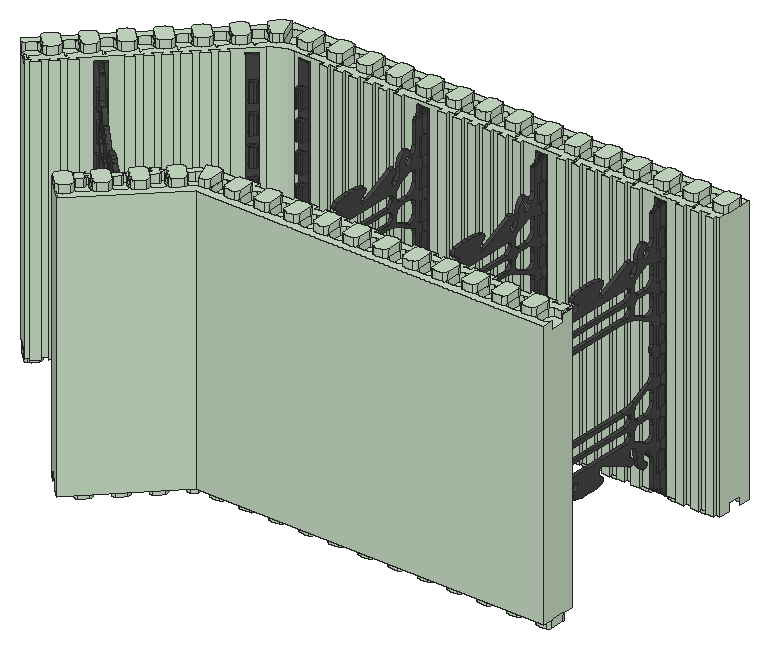
Revit family (continued)
Definition of nested family "NUDURA Diamond Pattern"
  Lines and regions (in)
    model lines
      curve 184: arc (3.44206, -5.625, 0.92678) -> (3.36884, -5.625, 0.75) -> (3.44206, -5.625, 0.57322) r 0.25
      curve 185: line (3.81706, -5.625, 1.30178) -> (3.44206, -5.625, 0.92678)
      curve 186: arc (4.29059, -5.625, 3.14142) -> (4.23201, -5.625, 3) -> (4.29059, -5.625, 2.85858) r 0.2
      curve 187: arc (4.29059, -5.625, 4.64142) -> (4.23201, -5.625, 4.5) -> (4.29059, -5.625, 4.35858) r 0.2
      curve 188: arc (4.29059, -5.625, 6.14142) -> (4.23201, -5.625, 6) -> (4.29059, -5.625, 5.85858) r 0.2
      curve 189: arc (4.29059, -5.625, 7.64142) -> (4.23201, -5.625, 7.5) -> (4.29059, -5.625, 7.35858) r 0.2
      curve 190: arc (4.29059, -5.625, 9.14142) -> (4.23201, -5.625, 9) -> (4.29059, -5.625, 8.85858) r 0.2
      curve 191: arc (4.29059, -5.625, 10.64142) -> (4.23201, -5.625, 10.5) -> (4.29059, -5.625, 10.35858) r 0.2
      curve 192: arc (4.29059, -5.625, 12.14142) -> (4.23201, -5.625, 12) -> (4.29059, -5.625, 11.85858) r 0.2
      curve 193: arc (4.29059, -5.625, 13.64142) -> (4.23201, -5.625, 13.5) -> (4.29059, -5.625, 13.35858) r 0.2
      curve 194: arc (4.29059, -5.625, 15.14142) -> (4.23201, -5.625, 15) -> (4.29059, -5.625, 14.85858) r 0.2
      curve 195: arc (4.29059, -5.625, 16.64142) -> (4.23201, -5.625, 16.5) -> (4.29059, -5.625, 16.35858) r 0.2
Definition of nested family "NUDURA Logo Diamond"
  Reference planes (in)
    plane 1 "Center (Front/Back)": y = 0
    plane 2: z = 0
    plane 3 "Center (Left/Right)": x = 0
  Lines and regions (in)
    model lines
      curve 1: line (12.59848, 0, 17.50104) -> (12.24492, 0, 17.85459)
      curve 2: line (12.36113, 0, 16.76872) -> (12.59848, 0, 17.00607)
      curve 3: line (12.59848, 0, 16.00104) -> (12.36113, 0, 16.23839)
      curve 4: line (12.36113, 0, 15.26872) -> (12.59848, 0, 15.50607)
      curve 5: line (12.59848, 0, 14.50104) -> (12.36113, 0, 14.73839)
      curve 6: line (12.36113, 0, 13.76872) -> (12.59848, 0, 14.00607)
      curve 7: line (12.17421, 0, 13.28388) -> (12.71208, 0, 12.74602)
      curve 8: line (12.71208, 0, 12.74602) -> (12.78279, 0, 12.81673)
      curve 9: line (11.28279, 0, 12.74602) -> (11.82066, 0, 13.28388)
      curve 10: line (11.63374, 0, 13.23839) -> (11.21208, 0, 12.81673)
      curve 11: line (11.3964, 0, 14.00607) -> (11.63374, 0, 13.76872)
      curve 12: line (11.63374, 0, 14.73839) -> (11.3964, 0, 14.50104)
      curve 13: line (11.3964, 0, 15.50607) -> (11.63374, 0, 15.26872)
      curve 14: line (11.63374, 0, 16.23839) -> (11.3964, 0, 16.00104)
      curve 15: line (11.3964, 0, 17.00607) -> (11.63374, 0, 16.76872)
      curve 16: line (11.74995, 0, 17.85459) -> (11.3964, 0, 17.50104)
      curve 17: line (11.82066, 0, 17.78388) -> (11.46711, 0, 17.43033)
      curve 18: line (12.52777, 0, 17.43033) -> (12.17421, 0, 17.78388)
      curve 19: line (12.17421, 0, 16.72322) -> (12.52777, 0, 17.07678)
      curve 20: line (11.46711, 0, 17.07678) -> (11.82066, 0, 16.72322)
      curve 21: arc (11.3964, 0, 17.50104) -> (11.29388, 0, 17.25355) -> (11.3964, 0, 17.00607) r 0.35
      curve 22: arc (11.74995, 0, 17.85459) -> (11.99744, 0, 17.95711) -> (12.24492, 0, 17.85459) r 0.35
      curve 23: arc (11.46711, 0, 17.43033) -> (11.39388, 0, 17.25355) -> (11.46711, 0, 17.07678) r 0.25
      curve 24: arc (12.52777, 0, 17.43033) -> (12.60099, 0, 17.25355) -> (12.52777, 0, 17.07678) r 0.25
      curve 25: arc (12.17421, 0, 16.72322) -> (11.99744, 0, 16.65) -> (11.82066, 0, 16.72322) r 0.25
      curve 26: arc (11.82066, 0, 17.78388) -> (11.99744, 0, 17.85711) -> (12.17421, 0, 17.78388) r 0.25
      curve 27: arc (12.59848, 0, 17.50104) -> (12.70099, 0, 17.25355) -> (12.59848, 0, 17.00607) r 0.35
      curve 28: arc (11.63374, 0, 16.76872) -> (11.74358, 0, 16.50355) -> (11.63374, 0, 16.23839) r 0.375
      curve 29: arc (12.36113, 0, 16.76872) -> (12.2513, 0, 16.50355) -> (12.36113, 0, 16.23839) r 0.375
      curve 30: line (12.36113, 0, 15.26872) -> (12.59848, 0, 15.50607)
      curve 31: line (11.3964, 0, 15.50607) -> (11.63374, 0, 15.26872)
      curve 32: line (11.82066, 0, 16.28388) -> (11.46711, 0, 15.93033)
      curve 33: line (12.52777, 0, 15.93033) -> (12.17421, 0, 16.28388)
      curve 34: line (12.17421, 0, 15.22322) -> (12.52777, 0, 15.57678)
      curve 35: line (11.46711, 0, 15.57678) -> (11.82066, 0, 15.22322)
      curve 36: arc (11.3964, 0, 16.00104) -> (11.29388, 0, 15.75355) -> (11.3964, 0, 15.50607) r 0.35
      curve 37: arc (11.46711, 0, 15.93033) -> (11.39388, 0, 15.75355) -> (11.46711, 0, 15.57678) r 0.25
      curve 38: arc (12.52777, 0, 15.93033) -> (12.60099, 0, 15.75355) -> (12.52777, 0, 15.57678) r 0.25
      curve 39: arc (12.17421, 0, 15.22322) -> (11.99744, 0, 15.15) -> (11.82066, 0, 15.22322) r 0.25
      curve 40: arc (11.82066, 0, 16.28388) -> (11.99744, 0, 16.35711) -> (12.17421, 0, 16.28388) r 0.25
      curve 41: arc (12.59848, 0, 16.00104) -> (12.70099, 0, 15.75355) -> (12.59848, 0, 15.50607) r 0.35
      curve 42: line (11.63374, 0, 16.23839) -> (11.3964, 0, 16.00104)
      curve 43: line (12.59848, 0, 16.00104) -> (12.36113, 0, 16.23839)
      curve 44: arc (11.63374, 0, 15.26872) -> (11.74358, 0, 15.00355) -> (11.63374, 0, 14.73839) r 0.375
      curve 45: arc (12.36113, 0, 15.26872) -> (12.2513, 0, 15.00355) -> (12.36113, 0, 14.73839) r 0.375
      curve 46: line (12.36113, 0, 13.76872) -> (12.59848, 0, 14.00607)
      curve 47: line (11.3964, 0, 14.00607) -> (11.63374, 0, 13.76872)
      curve 48: line (11.82066, 0, 14.78388) -> (11.46711, 0, 14.43033)
      curve 49: line (12.52777, 0, 14.43033) -> (12.17421, 0, 14.78388)
      curve 50: line (12.17421, 0, 13.72322) -> (12.52777, 0, 14.07678)
      curve 51: line (11.46711, 0, 14.07678) -> (11.82066, 0, 13.72322)
      curve 52: arc (11.3964, 0, 14.50104) -> (11.29388, 0, 14.25355) -> (11.3964, 0, 14.00607) r 0.35
      curve 53: arc (11.46711, 0, 14.43033) -> (11.39388, 0, 14.25355) -> (11.46711, 0, 14.07678) r 0.25
      curve 54: arc (12.52777, 0, 14.43033) -> (12.60099, 0, 14.25355) -> (12.52777, 0, 14.07678) r 0.25
      curve 55: arc (12.17421, 0, 13.72322) -> (11.99744, 0, 13.65) -> (11.82066, 0, 13.72322) r 0.25
      curve 56: arc (11.82066, 0, 14.78388) -> (11.99744, 0, 14.85711) -> (12.17421, 0, 14.78388) r 0.25
      curve 57: arc (12.59848, 0, 14.50104) -> (12.70099, 0, 14.25355) -> (12.59848, 0, 14.00607) r 0.35
      curve 58: line (11.63374, 0, 14.73839) -> (11.3964, 0, 14.50104)
      curve 59: arc (11.63374, 0, 13.76872) -> (11.74358, 0, 13.50355) -> (11.63374, 0, 13.23839) r 0.375
      curve 60: arc (12.36113, 0, 13.76872) -> (12.2513, 0, 13.50355) -> (12.36113, 0, 13.23839) r 0.375
      curve 61: line (12.78279, 0, 12.81673) -> (12.36113, 0, 13.23839)
      curve 62: line (11.21208, 0, 12.81673) -> (11.28279, 0, 12.74602)
      curve 63: arc (11.82066, 0, 13.28388) -> (11.99744, 0, 13.35711) -> (12.17421, 0, 13.28388) r 0.25
      curve 64: line (12.59848, 0, 0.50607) -> (12.24492, 0, 0.15251)
      curve 65: line (12.36113, 0, 1.23839) -> (12.59848, 0, 1.00104)
      curve 66: line (12.59848, 0, 2.00607) -> (12.36113, 0, 1.76872)
      curve 67: line (12.36113, 0, 2.73839) -> (12.59848, 0, 2.50104)
      curve 68: line (12.59848, 0, 3.50607) -> (12.36113, 0, 3.26872)
      curve 69: line (12.36113, 0, 4.23839) -> (12.59848, 0, 4.00104)
      curve 70: line (12.17421, 0, 4.72322) -> (12.71208, 0, 5.26109)
      curve 71: line (12.71208, 0, 5.26109) -> (12.78279, 0, 5.19038)
      curve 72: line (11.28279, 0, 5.26109) -> (11.82066, 0, 4.72322)
      curve 73: line (11.63374, 0, 4.76872) -> (11.21208, 0, 5.19038)
      curve 74: line (11.3964, 0, 4.00104) -> (11.63374, 0, 4.23839)
      curve 75: line (11.63374, 0, 3.26872) -> (11.3964, 0, 3.50607)
      curve 76: line (11.3964, 0, 2.50104) -> (11.63374, 0, 2.73839)
      curve 77: line (11.63374, 0, 1.76872) -> (11.3964, 0, 2.00607)
      curve 78: line (11.3964, 0, 1.00104) -> (11.63374, 0, 1.23839)
      curve 79: line (11.74995, 0, 0.15251) -> (11.3964, 0, 0.50607)
      curve 80: line (11.82066, 0, 0.22322) -> (11.46711, 0, 0.57678)
      curve 81: line (12.52777, 0, 0.57678) -> (12.17421, 0, 0.22322)
      curve 82: line (12.17421, 0, 1.28388) -> (12.52777, 0, 0.93033)
      curve 83: line (11.46711, 0, 0.93033) -> (11.82066, 0, 1.28388)
      curve 84: arc (11.3964, 0, 0.50607) -> (11.29388, 0, 0.75355) -> (11.3964, 0, 1.00104) r 0.35
      curve 85: arc (11.74995, 0, 0.15251) -> (11.99744, 0, 0.05) -> (12.24492, 0, 0.15251) r 0.35
      curve 86: arc (11.46711, 0, 0.57678) -> (11.39388, 0, 0.75355) -> (11.46711, 0, 0.93033) r 0.25
      curve 87: arc (12.52777, 0, 0.57678) -> (12.60099, 0, 0.75355) -> (12.52777, 0, 0.93033) r 0.25
      curve 88: arc (12.17421, 0, 1.28388) -> (11.99744, 0, 1.35711) -> (11.82066, 0, 1.28388) r 0.25
      curve 89: arc (11.82066, 0, 0.22322) -> (11.99744, 0, 0.15) -> (12.17421, 0, 0.22322) r 0.25
      curve 90: arc (12.59848, 0, 0.50607) -> (12.70099, 0, 0.75355) -> (12.59848, 0, 1.00104) r 0.35
      curve 91: arc (11.63374, 0, 1.23839) -> (11.74358, 0, 1.50355) -> (11.63374, 0, 1.76872) r 0.375
      curve 92: arc (12.36113, 0, 1.23839) -> (12.2513, 0, 1.50355) -> (12.36113, 0, 1.76872) r 0.375
      curve 93: line (12.36113, 0, 2.73839) -> (12.59848, 0, 2.50104)
      curve 94: line (11.3964, 0, 2.50104) -> (11.63374, 0, 2.73839)
      curve 95: line (11.82066, 0, 1.72322) -> (11.46711, 0, 2.07678)
      curve 96: line (12.52777, 0, 2.07678) -> (12.17421, 0, 1.72322)
      curve 97: line (12.17421, 0, 2.78388) -> (12.52777, 0, 2.43033)
      curve 98: line (11.46711, 0, 2.43033) -> (11.82066, 0, 2.78388)
      curve 99: arc (11.3964, 0, 2.00607) -> (11.29388, 0, 2.25355) -> (11.3964, 0, 2.50104) r 0.35
      curve 100: arc (11.46711, 0, 2.07678) -> (11.39388, 0, 2.25355) -> (11.46711, 0, 2.43033) r 0.25
      curve 101: arc (12.52777, 0, 2.07678) -> (12.60099, 0, 2.25355) -> (12.52777, 0, 2.43033) r 0.25
      curve 102: arc (12.17421, 0, 2.78388) -> (11.99744, 0, 2.85711) -> (11.82066, 0, 2.78388) r 0.25
      curve 103: arc (11.82066, 0, 1.72322) -> (11.99744, 0, 1.65) -> (12.17421, 0, 1.72322) r 0.25
      curve 104: arc (12.59848, 0, 2.00607) -> (12.70099, 0, 2.25355) -> (12.59848, 0, 2.50104) r 0.35
      curve 105: line (11.63374, 0, 1.76872) -> (11.3964, 0, 2.00607)
      curve 106: line (12.59848, 0, 2.00607) -> (12.36113, 0, 1.76872)
      curve 107: arc (11.63374, 0, 2.73839) -> (11.74358, 0, 3.00355) -> (11.63374, 0, 3.26872) r 0.375
      curve 108: arc (12.36113, 0, 2.73839) -> (12.2513, 0, 3.00355) -> (12.36113, 0, 3.26872) r 0.375
      curve 109: line (12.36113, 0, 4.23839) -> (12.59848, 0, 4.00104)
      curve 110: line (11.3964, 0, 4.00104) -> (11.63374, 0, 4.23839)
      curve 111: line (11.82066, 0, 3.22322) -> (11.46711, 0, 3.57678)
      curve 112: line (12.52777, 0, 3.57678) -> (12.17421, 0, 3.22322)
      curve 113: line (12.17421, 0, 4.28388) -> (12.52777, 0, 3.93033)
      curve 114: line (11.46711, 0, 3.93033) -> (11.82066, 0, 4.28388)
      curve 115: arc (11.3964, 0, 3.50607) -> (11.29388, 0, 3.75355) -> (11.3964, 0, 4.00104) r 0.35
      curve 116: arc (11.46711, 0, 3.57678) -> (11.39388, 0, 3.75355) -> (11.46711, 0, 3.93033) r 0.25
      curve 117: arc (12.52777, 0, 3.57678) -> (12.60099, 0, 3.75355) -> (12.52777, 0, 3.93033) r 0.25
      curve 118: arc (12.17421, 0, 4.28388) -> (11.99744, 0, 4.35711) -> (11.82066, 0, 4.28388) r 0.25
      curve 119: arc (11.82066, 0, 3.22322) -> (11.99744, 0, 3.15) -> (12.17421, 0, 3.22322) r 0.25
      curve 120: arc (12.59848, 0, 3.50607) -> (12.70099, 0, 3.75355) -> (12.59848, 0, 4.00104) r 0.35
      curve 121: line (11.63374, 0, 3.26872) -> (11.3964, 0, 3.50607)
      curve 122: arc (11.63374, 0, 4.23839) -> (11.74358, 0, 4.50355) -> (11.63374, 0, 4.76872) r 0.375
      curve 123: arc (12.36113, 0, 4.23839) -> (12.2513, 0, 4.50355) -> (12.36113, 0, 4.76872) r 0.375
      curve 124: line (12.78279, 0, 5.19038) -> (12.36113, 0, 4.76872)
      curve 125: line (11.21208, 0, 5.19038) -> (11.28279, 0, 5.26109)
      curve 126: arc (11.82066, 0, 4.72322) -> (11.99744, 0, 4.65) -> (12.17421, 0, 4.72322) r 0.25
      curve 127: line (12.37244, 0, 12.50355) -> (11.62244, 0, 12.50355)
      curve 128: line (12.74744, 0, 5.87855) -> (12.74744, 0, 12.12855)
      curve 129: line (11.24744, 0, 12.12855) -> (11.24744, 0, 5.87855)
      curve 130: line (11.62244, 0, 5.50355) -> (12.37244, 0, 5.50355)
      curve 131: line (12.47232, 0, 12.00355) -> (12.0393, 0, 12.25355)
      curve 132: line (12.47232, 0, 11.50355) -> (12.47232, 0, 12.00355)
      curve 133: line (12.25581, 0, 11.37855) -> (12.47232, 0, 11.50355)
      curve 134: line (12.02256, 0, 11.51322) -> (12.25581, 0, 11.37855)
      curve 135: line (12.22232, 0, 11.62855) -> (12.02256, 0, 11.51322)
      curve 136: line (11.80605, 0, 12.11888) -> (12.22232, 0, 11.87855)
      curve 137: line (12.22232, 0, 11.87855) -> (12.22232, 0, 11.62855)
      curve 138: line (12.0393, 0, 12.25355) -> (11.80605, 0, 12.11888)
      curve 139: line (11.77256, 0, 11.63822) -> (11.97232, 0, 11.75355)
      curve 140: line (11.97232, 0, 11.75355) -> (11.73906, 0, 11.88822)
      curve 141: line (11.73906, 0, 11.88822) -> (11.52256, 0, 11.76322)
      curve 142: line (11.52256, 0, 11.76322) -> (11.52256, 0, 11.26322)
      curve 143: line (11.77256, 0, 11.38822) -> (11.77256, 0, 11.63822)
      curve 144: line (12.18882, 0, 11.14789) -> (11.77256, 0, 11.38822)
      curve 145: line (11.95557, 0, 11.01322) -> (12.18882, 0, 11.14789)
      curve 146: line (11.52256, 0, 11.26322) -> (11.95557, 0, 11.01322)
      curve 147: line (12.31108, 0, 10.60411) -> (11.68379, 0, 10.74458)
      curve 148: line (11.68379, 0, 10.74458) -> (11.68379, 0, 10.51321)
      curve 149: line (11.68379, 0, 10.51321) -> (12.1295, 0, 10.41405)
      curve 150: line (12.1295, 0, 10.41405) -> (11.68379, 0, 10.27358)
      curve 151: line (11.68379, 0, 10.27358) -> (11.68379, 0, 9.8852)
      curve 152: line (11.68379, 0, 9.8852) -> (12.17077, 0, 9.77615)
      curve 153: line (12.17077, 0, 9.77615) -> (12.17077, 0, 9.74472)
      curve 154: line (12.17077, 0, 9.74472) -> (11.86146, 0, 9.80279)
      curve 155: line (11.68379, 0, 9.65536) -> (11.68379, 0, 9.35864)
      curve 156: line (12.07077, 0, 8.74385) -> (12.07077, 0, 8.99996)
      curve 157: line (12.07077, 0, 8.99996) -> (11.68379, 0, 9.08605)
      curve 158: line (11.68379, 0, 9.08605) -> (11.68379, 0, 8.47809)
      curve 159: line (11.91823, 0, 9.06589) -> (12.31108, 0, 8.97792)
      curve 160: line (11.82444, 0, 8.55476) -> (11.82444, 0, 8.79865)
      curve 161: line (11.82444, 0, 8.79865) -> (12.07077, 0, 8.74385)
      curve 162: line (11.68379, 0, 8.07193) -> (11.68379, 0, 7.77522)
      curve 163: line (11.91823, 0, 7.48247) -> (12.21108, 0, 7.41688)
      curve 164: line (12.21108, 0, 7.41688) -> (12.21108, 0, 6.95405)
      curve 165: line (12.16108, 0, 6.90405) -> (12.12077, 0, 6.90405)
      curve 166: line (12.07077, 0, 6.95405) -> (12.07077, 0, 7.08675)
      curve 167: line (12.07077, 0, 7.08675) -> (12.12077, 0, 7.07556)
      curve 168: line (12.12077, 0, 7.07556) -> (12.12077, 0, 7.33463)
      curve 169: line (12.12077, 0, 7.33463) -> (11.68379, 0, 7.43249)
      curve 170: line (11.68379, 0, 7.43249) -> (11.68379, 0, 7.17341)
      curve 171: line (11.68379, 0, 7.17341) -> (11.97077, 0, 7.10915)
      curve 172: line (11.97077, 0, 7.10915) -> (11.97077, 0, 6.99425)
      curve 173: line (11.92077, 0, 6.94425) -> (11.68379, 0, 6.94425)
      curve 174: line (11.68379, 0, 6.94425) -> (11.68379, 0, 6.45682)
      curve 175: line (11.68379, 0, 6.45682) -> (11.78284, 0, 6.38658)
      curve 176: line (11.78284, 0, 6.38658) -> (11.78284, 0, 6.05178)
      curve 177: line (12.12371, 0, 6.14486) -> (11.88284, 0, 6.31567)
      curve 178: line (11.88284, 0, 6.31567) -> (11.88284, 0, 6.07909)
      curve 179: line (11.88284, 0, 6.07909) -> (12.12371, 0, 6.14486)
      curve 180: line (11.78284, 0, 6.05178) -> (11.68379, 0, 6.02474)
      curve 181: line (11.68379, 0, 6.02474) -> (11.68379, 0, 5.75355)
      curve 182: line (11.68379, 0, 5.75355) -> (12.31108, 0, 5.92483)
      curve 183: line (12.31108, 0, 5.92483) -> (12.31108, 0, 6.28791)
      curve 184: line (12.31108, 0, 6.28791) -> (11.76249, 0, 6.67694)
      curve 185: line (11.76249, 0, 6.67694) -> (11.90321, 0, 6.67694)
      curve 186: line (12.31108, 0, 6.78674) -> (12.31108, 0, 7.63562)
      curve 187: line (12.31108, 0, 7.63562) -> (11.90258, 0, 7.7271)
      curve 188: line (11.82444, 0, 7.82469) -> (11.82444, 0, 7.92839)
      curve 189: line (11.88536, 0, 7.97718) -> (12.31108, 0, 7.88185)
      curve 190: line (12.31108, 0, 7.88185) -> (12.31108, 0, 8.13496)
      curve 191: line (12.31108, 0, 8.13496) -> (12.08042, 0, 8.17826)
      curve 192: line (12.31108, 0, 8.38353) -> (12.31108, 0, 8.9465)
      curve 193: line (12.31108, 0, 8.9465) -> (12.17077, 0, 8.97771)
      curve 194: line (12.17077, 0, 8.97771) -> (12.17077, 0, 8.55476)
      curve 195: line (12.31108, 0, 8.97792) -> (12.31108, 0, 9.21905)
      curve 196: line (12.31108, 0, 9.21905) -> (11.90258, 0, 9.31053)
      curve 197: line (11.82444, 0, 9.40811) -> (11.82444, 0, 9.51182)
      curve 198: line (11.87938, 0, 9.56195) -> (12.31108, 0, 9.46528)
      curve 199: line (12.31108, 0, 9.46528) -> (12.31108, 0, 9.98469)
      curve 200: line (12.31108, 0, 9.98469) -> (11.90664, 0, 10.07526)
      curve 201: line (11.90664, 0, 10.07526) -> (12.31108, 0, 10.20747)
      curve 202: line (12.31108, 0, 10.20747) -> (12.31108, 0, 10.60411)
      curve 203: arc (11.68379, 0, 9.65536) -> (11.73801, 0, 9.7708) -> (11.86146, 0, 9.80279) r 0.15
      curve 204: arc (11.68379, 0, 9.35864) -> (11.74962, 0, 9.17112) -> (11.91823, 0, 9.06589) r 0.3
      curve 205: arc (11.84417, 0, 8.22149) -> (11.72718, 0, 8.32679) -> (11.68379, 0, 8.47809) r 0.28547
      curve 206: arc (11.68379, 0, 8.07193) -> (11.73147, 0, 8.18158) -> (11.84417, 0, 8.22149) r 0.14992
      curve 207: arc (11.68379, 0, 7.77522) -> (11.74962, 0, 7.58769) -> (11.91823, 0, 7.48247) r 0.3
      curve 208: arc (11.82444, 0, 7.82469) -> (11.84638, 0, 7.76218) -> (11.90258, 0, 7.7271) r 0.1
      curve 209: arc (11.82444, 0, 7.92839) -> (11.84318, 0, 7.96742) -> (11.88536, 0, 7.97718) r 0.05
      curve 210: arc (12.12077, 0, 6.90405) -> (12.08541, 0, 6.91869) -> (12.07077, 0, 6.95405) r 0.05
      curve 211: arc (12.16108, 0, 6.90405) -> (12.19644, 0, 6.91869) -> (12.21108, 0, 6.95405) r 0.05
      curve 212: arc (11.97077, 0, 6.99425) -> (11.95612, 0, 6.95889) -> (11.92077, 0, 6.94425) r 0.05
      curve 213: arc (11.90321, 0, 6.67694) -> (11.96756, 0, 6.70069) -> (12.00104, 0, 6.76055) r 0.09904
      curve 214: arc (12.00104, 0, 6.76055) -> (12.1681, 0, 6.63117) -> (12.31108, 0, 6.78674) r 0.15613
      curve 215: arc (12.08042, 0, 8.17826) -> (12.24181, 0, 8.22914) -> (12.31108, 0, 8.38353) r 0.20667
      curve 216: arc (11.82444, 0, 8.55476) -> (11.9976, 0, 8.3816) -> (12.17077, 0, 8.55476) r 0.17317
      curve 217: arc (11.82444, 0, 9.40811) -> (11.84638, 0, 9.34561) -> (11.90258, 0, 9.31053) r 0.1
      curve 218: arc (11.82444, 0, 9.51182) -> (11.8459, 0, 9.55306) -> (11.892, 0, 9.55913) r 0.05034
      curve 219: arc (11.24744, 0, 12.12855) -> (11.35727, 0, 12.39372) -> (11.62244, 0, 12.50355) r 0.375
      curve 220: arc (12.37244, 0, 12.50355) -> (12.6376, 0, 12.39372) -> (12.74744, 0, 12.12855) r 0.375
      curve 221: arc (11.24744, 0, 5.87855) -> (11.35727, 0, 5.61339) -> (11.62244, 0, 5.50355) r 0.375
      curve 222: arc (12.37244, 0, 5.50355) -> (12.6376, 0, 5.61339) -> (12.74744, 0, 5.87855) r 0.375
      curve 223: line (9.99744, 0, 18) -> (9.99744, 0, 0)
      curve 224: line (13.99744, 0, 18) -> (13.99744, 0, 0)
      curve 225: line (15.99744, 0, 18) -> (15.99744, 0, 0)
Definition of nested family "NUDURA Logo Diamond Missing Outside Line"
  Reference planes (in)
    plane 1 "Center (Front/Back)": y = 0
    plane 2: z = 0
    plane 3 "Center (Left/Right)": x = 0
  Lines and regions (in)
    model lines
      curve 1: line (12.59848, 0, 17.50104) -> (12.24492, 0, 17.85459)
      curve 2: line (12.36113, 0, 16.76872) -> (12.59848, 0, 17.00607)
      curve 3: line (12.59848, 0, 16.00104) -> (12.36113, 0, 16.23839)
      curve 4: line (12.36113, 0, 15.26872) -> (12.59848, 0, 15.50607)
      curve 5: line (12.59848, 0, 14.50104) -> (12.36113, 0, 14.73839)
      curve 6: line (12.36113, 0, 13.76872) -> (12.59848, 0, 14.00607)
      curve 7: line (12.17421, 0, 13.28388) -> (12.71208, 0, 12.74602)
      curve 8: line (12.71208, 0, 12.74602) -> (12.78279, 0, 12.81673)
      curve 9: line (11.28279, 0, 12.74602) -> (11.82066, 0, 13.28388)
      curve 10: line (11.63374, 0, 13.23839) -> (11.21208, 0, 12.81673)
      curve 11: line (11.3964, 0, 14.00607) -> (11.63374, 0, 13.76872)
      curve 12: line (11.63374, 0, 14.73839) -> (11.3964, 0, 14.50104)
      curve 13: line (11.3964, 0, 15.50607) -> (11.63374, 0, 15.26872)
      curve 14: line (11.63374, 0, 16.23839) -> (11.3964, 0, 16.00104)
      curve 15: line (11.3964, 0, 17.00607) -> (11.63374, 0, 16.76872)
      curve 16: line (11.74995, 0, 17.85459) -> (11.3964, 0, 17.50104)
      curve 17: line (11.82066, 0, 17.78388) -> (11.46711, 0, 17.43033)
      curve 18: line (12.52777, 0, 17.43033) -> (12.17421, 0, 17.78388)
      curve 19: line (12.17421, 0, 16.72322) -> (12.52777, 0, 17.07678)
      curve 20: line (11.46711, 0, 17.07678) -> (11.82066, 0, 16.72322)
      curve 21: arc (11.3964, 0, 17.50104) -> (11.29388, 0, 17.25355) -> (11.3964, 0, 17.00607) r 0.35
      curve 22: arc (11.74995, 0, 17.85459) -> (11.99744, 0, 17.95711) -> (12.24492, 0, 17.85459) r 0.35
      curve 23: arc (11.46711, 0, 17.43033) -> (11.39388, 0, 17.25355) -> (11.46711, 0, 17.07678) r 0.25
      curve 24: arc (12.52777, 0, 17.43033) -> (12.60099, 0, 17.25355) -> (12.52777, 0, 17.07678) r 0.25
      curve 25: arc (12.17421, 0, 16.72322) -> (11.99744, 0, 16.65) -> (11.82066, 0, 16.72322) r 0.25
      curve 26: arc (11.82066, 0, 17.78388) -> (11.99744, 0, 17.85711) -> (12.17421, 0, 17.78388) r 0.25
      curve 27: arc (12.59848, 0, 17.50104) -> (12.70099, 0, 17.25355) -> (12.59848, 0, 17.00607) r 0.35
      curve 28: arc (11.63374, 0, 16.76872) -> (11.74358, 0, 16.50355) -> (11.63374, 0, 16.23839) r 0.375
      curve 29: arc (12.36113, 0, 16.76872) -> (12.2513, 0, 16.50355) -> (12.36113, 0, 16.23839) r 0.375
      curve 30: line (12.36113, 0, 15.26872) -> (12.59848, 0, 15.50607)
      curve 31: line (11.3964, 0, 15.50607) -> (11.63374, 0, 15.26872)
      curve 32: line (11.82066, 0, 16.28388) -> (11.46711, 0, 15.93033)
      curve 33: line (12.52777, 0, 15.93033) -> (12.17421, 0, 16.28388)
      curve 34: line (12.17421, 0, 15.22322) -> (12.52777, 0, 15.57678)
      curve 35: line (11.46711, 0, 15.57678) -> (11.82066, 0, 15.22322)
      curve 36: arc (11.3964, 0, 16.00104) -> (11.29388, 0, 15.75355) -> (11.3964, 0, 15.50607) r 0.35
      curve 37: arc (11.46711, 0, 15.93033) -> (11.39388, 0, 15.75355) -> (11.46711, 0, 15.57678) r 0.25
      curve 38: arc (12.52777, 0, 15.93033) -> (12.60099, 0, 15.75355) -> (12.52777, 0, 15.57678) r 0.25
      curve 39: arc (12.17421, 0, 15.22322) -> (11.99744, 0, 15.15) -> (11.82066, 0, 15.22322) r 0.25
      curve 40: arc (11.82066, 0, 16.28388) -> (11.99744, 0, 16.35711) -> (12.17421, 0, 16.28388) r 0.25
      curve 41: arc (12.59848, 0, 16.00104) -> (12.70099, 0, 15.75355) -> (12.59848, 0, 15.50607) r 0.35
      curve 42: line (11.63374, 0, 16.23839) -> (11.3964, 0, 16.00104)
      curve 43: line (12.59848, 0, 16.00104) -> (12.36113, 0, 16.23839)
      curve 44: arc (11.63374, 0, 15.26872) -> (11.74358, 0, 15.00355) -> (11.63374, 0, 14.73839) r 0.375
      curve 45: arc (12.36113, 0, 15.26872) -> (12.2513, 0, 15.00355) -> (12.36113, 0, 14.73839) r 0.375
      curve 46: line (12.36113, 0, 13.76872) -> (12.59848, 0, 14.00607)
      curve 47: line (11.3964, 0, 14.00607) -> (11.63374, 0, 13.76872)
      curve 48: line (11.82066, 0, 14.78388) -> (11.46711, 0, 14.43033)
      curve 49: line (12.52777, 0, 14.43033) -> (12.17421, 0, 14.78388)
      curve 50: line (12.17421, 0, 13.72322) -> (12.52777, 0, 14.07678)
      curve 51: line (11.46711, 0, 14.07678) -> (11.82066, 0, 13.72322)
      curve 52: arc (11.3964, 0, 14.50104) -> (11.29388, 0, 14.25355) -> (11.3964, 0, 14.00607) r 0.35
      curve 53: arc (11.46711, 0, 14.43033) -> (11.39388, 0, 14.25355) -> (11.46711, 0, 14.07678) r 0.25
      curve 54: arc (12.52777, 0, 14.43033) -> (12.60099, 0, 14.25355) -> (12.52777, 0, 14.07678) r 0.25
      curve 55: arc (12.17421, 0, 13.72322) -> (11.99744, 0, 13.65) -> (11.82066, 0, 13.72322) r 0.25
      curve 56: arc (11.82066, 0, 14.78388) -> (11.99744, 0, 14.85711) -> (12.17421, 0, 14.78388) r 0.25
      curve 57: arc (12.59848, 0, 14.50104) -> (12.70099, 0, 14.25355) -> (12.59848, 0, 14.00607) r 0.35
      curve 58: line (11.63374, 0, 14.73839) -> (11.3964, 0, 14.50104)
      curve 59: arc (11.63374, 0, 13.76872) -> (11.74358, 0, 13.50355) -> (11.63374, 0, 13.23839) r 0.375
      curve 60: arc (12.36113, 0, 13.76872) -> (12.2513, 0, 13.50355) -> (12.36113, 0, 13.23839) r 0.375
      curve 61: line (12.78279, 0, 12.81673) -> (12.36113, 0, 13.23839)
      curve 62: line (11.21208, 0, 12.81673) -> (11.28279, 0, 12.74602)
      curve 63: arc (11.82066, 0, 13.28388) -> (11.99744, 0, 13.35711) -> (12.17421, 0, 13.28388) r 0.25
      curve 64: line (12.59848, 0, 0.50607) -> (12.24492, 0, 0.15251)
      curve 65: line (12.36113, 0, 1.23839) -> (12.59848, 0, 1.00104)
      curve 66: line (12.59848, 0, 2.00607) -> (12.36113, 0, 1.76872)
      curve 67: line (12.36113, 0, 2.73839) -> (12.59848, 0, 2.50104)
      curve 68: line (12.59848, 0, 3.50607) -> (12.36113, 0, 3.26872)
      curve 69: line (12.36113, 0, 4.23839) -> (12.59848, 0, 4.00104)
      curve 70: line (12.17421, 0, 4.72322) -> (12.71208, 0, 5.26109)
      curve 71: line (12.71208, 0, 5.26109) -> (12.78279, 0, 5.19038)
      curve 72: line (11.28279, 0, 5.26109) -> (11.82066, 0, 4.72322)
      curve 73: line (11.63374, 0, 4.76872) -> (11.21208, 0, 5.19038)
      curve 74: line (11.3964, 0, 4.00104) -> (11.63374, 0, 4.23839)
      curve 75: line (11.63374, 0, 3.26872) -> (11.3964, 0, 3.50607)
      curve 76: line (11.3964, 0, 2.50104) -> (11.63374, 0, 2.73839)
      curve 77: line (11.63374, 0, 1.76872) -> (11.3964, 0, 2.00607)
      curve 78: line (11.3964, 0, 1.00104) -> (11.63374, 0, 1.23839)
      curve 79: line (11.74995, 0, 0.15251) -> (11.3964, 0, 0.50607)
      curve 80: line (11.82066, 0, 0.22322) -> (11.46711, 0, 0.57678)
      curve 81: line (12.52777, 0, 0.57678) -> (12.17421, 0, 0.22322)
      curve 82: line (12.17421, 0, 1.28388) -> (12.52777, 0, 0.93033)
      curve 83: line (11.46711, 0, 0.93033) -> (11.82066, 0, 1.28388)
      curve 84: arc (11.3964, 0, 0.50607) -> (11.29388, 0, 0.75355) -> (11.3964, 0, 1.00104) r 0.35
      curve 85: arc (11.74995, 0, 0.15251) -> (11.99744, 0, 0.05) -> (12.24492, 0, 0.15251) r 0.35
      curve 86: arc (11.46711, 0, 0.57678) -> (11.39388, 0, 0.75355) -> (11.46711, 0, 0.93033) r 0.25
      curve 87: arc (12.52777, 0, 0.57678) -> (12.60099, 0, 0.75355) -> (12.52777, 0, 0.93033) r 0.25
      curve 88: arc (12.17421, 0, 1.28388) -> (11.99744, 0, 1.35711) -> (11.82066, 0, 1.28388) r 0.25
      curve 89: arc (11.82066, 0, 0.22322) -> (11.99744, 0, 0.15) -> (12.17421, 0, 0.22322) r 0.25
      curve 90: arc (12.59848, 0, 0.50607) -> (12.70099, 0, 0.75355) -> (12.59848, 0, 1.00104) r 0.35
      curve 91: arc (11.63374, 0, 1.23839) -> (11.74358, 0, 1.50355) -> (11.63374, 0, 1.76872) r 0.375
      curve 92: arc (12.36113, 0, 1.23839) -> (12.2513, 0, 1.50355) -> (12.36113, 0, 1.76872) r 0.375
      curve 93: line (12.36113, 0, 2.73839) -> (12.59848, 0, 2.50104)
      curve 94: line (11.3964, 0, 2.50104) -> (11.63374, 0, 2.73839)
      curve 95: line (11.82066, 0, 1.72322) -> (11.46711, 0, 2.07678)
      curve 96: line (12.52777, 0, 2.07678) -> (12.17421, 0, 1.72322)
      curve 97: line (12.17421, 0, 2.78388) -> (12.52777, 0, 2.43033)
      curve 98: line (11.46711, 0, 2.43033) -> (11.82066, 0, 2.78388)
      curve 99: arc (11.3964, 0, 2.00607) -> (11.29388, 0, 2.25355) -> (11.3964, 0, 2.50104) r 0.35
      curve 100: arc (11.46711, 0, 2.07678) -> (11.39388, 0, 2.25355) -> (11.46711, 0, 2.43033) r 0.25
      curve 101: arc (12.52777, 0, 2.07678) -> (12.60099, 0, 2.25355) -> (12.52777, 0, 2.43033) r 0.25
      curve 102: arc (12.17421, 0, 2.78388) -> (11.99744, 0, 2.85711) -> (11.82066, 0, 2.78388) r 0.25
      curve 103: arc (11.82066, 0, 1.72322) -> (11.99744, 0, 1.65) -> (12.17421, 0, 1.72322) r 0.25
      curve 104: arc (12.59848, 0, 2.00607) -> (12.70099, 0, 2.25355) -> (12.59848, 0, 2.50104) r 0.35
      curve 105: line (11.63374, 0, 1.76872) -> (11.3964, 0, 2.00607)
      curve 106: line (12.59848, 0, 2.00607) -> (12.36113, 0, 1.76872)
      curve 107: arc (11.63374, 0, 2.73839) -> (11.74358, 0, 3.00355) -> (11.63374, 0, 3.26872) r 0.375
      curve 108: arc (12.36113, 0, 2.73839) -> (12.2513, 0, 3.00355) -> (12.36113, 0, 3.26872) r 0.375
      curve 109: line (12.36113, 0, 4.23839) -> (12.59848, 0, 4.00104)
      curve 110: line (11.3964, 0, 4.00104) -> (11.63374, 0, 4.23839)
      curve 111: line (11.82066, 0, 3.22322) -> (11.46711, 0, 3.57678)
      curve 112: line (12.52777, 0, 3.57678) -> (12.17421, 0, 3.22322)
      curve 113: line (12.17421, 0, 4.28388) -> (12.52777, 0, 3.93033)
      curve 114: line (11.46711, 0, 3.93033) -> (11.82066, 0, 4.28388)
      curve 115: arc (11.3964, 0, 3.50607) -> (11.29388, 0, 3.75355) -> (11.3964, 0, 4.00104) r 0.35
      curve 116: arc (11.46711, 0, 3.57678) -> (11.39388, 0, 3.75355) -> (11.46711, 0, 3.93033) r 0.25
      curve 117: arc (12.52777, 0, 3.57678) -> (12.60099, 0, 3.75355) -> (12.52777, 0, 3.93033) r 0.25
      curve 118: arc (12.17421, 0, 4.28388) -> (11.99744, 0, 4.35711) -> (11.82066, 0, 4.28388) r 0.25
      curve 119: arc (11.82066, 0, 3.22322) -> (11.99744, 0, 3.15) -> (12.17421, 0, 3.22322) r 0.25
      curve 120: arc (12.59848, 0, 3.50607) -> (12.70099, 0, 3.75355) -> (12.59848, 0, 4.00104) r 0.35
      curve 121: line (11.63374, 0, 3.26872) -> (11.3964, 0, 3.50607)
      curve 122: arc (11.63374, 0, 4.23839) -> (11.74358, 0, 4.50355) -> (11.63374, 0, 4.76872) r 0.375
      curve 123: arc (12.36113, 0, 4.23839) -> (12.2513, 0, 4.50355) -> (12.36113, 0, 4.76872) r 0.375
      curve 124: line (12.78279, 0, 5.19038) -> (12.36113, 0, 4.76872)
      curve 125: line (11.21208, 0, 5.19038) -> (11.28279, 0, 5.26109)
      curve 126: arc (11.82066, 0, 4.72322) -> (11.99744, 0, 4.65) -> (12.17421, 0, 4.72322) r 0.25
      curve 127: line (12.37244, 0, 12.50355) -> (11.62244, 0, 12.50355)
      curve 128: line (12.74744, 0, 5.87855) -> (12.74744, 0, 12.12855)
      curve 129: line (11.24744, 0, 12.12855) -> (11.24744, 0, 5.87855)
      curve 130: line (11.62244, 0, 5.50355) -> (12.37244, 0, 5.50355)
      curve 131: line (12.47232, 0, 12.00355) -> (12.0393, 0, 12.25355)
      curve 132: line (12.47232, 0, 11.50355) -> (12.47232, 0, 12.00355)
      curve 133: line (12.25581, 0, 11.37855) -> (12.47232, 0, 11.50355)
      curve 134: line (12.02256, 0, 11.51322) -> (12.25581, 0, 11.37855)
      curve 135: line (12.22232, 0, 11.62855) -> (12.02256, 0, 11.51322)
      curve 136: line (11.80605, 0, 12.11888) -> (12.22232, 0, 11.87855)
      curve 137: line (12.22232, 0, 11.87855) -> (12.22232, 0, 11.62855)
      curve 138: line (12.0393, 0, 12.25355) -> (11.80605, 0, 12.11888)
      curve 139: line (11.77256, 0, 11.63822) -> (11.97232, 0, 11.75355)
      curve 140: line (11.97232, 0, 11.75355) -> (11.73906, 0, 11.88822)
      curve 141: line (11.73906, 0, 11.88822) -> (11.52256, 0, 11.76322)
      curve 142: line (11.52256, 0, 11.76322) -> (11.52256, 0, 11.26322)
      curve 143: line (11.77256, 0, 11.38822) -> (11.77256, 0, 11.63822)
      curve 144: line (12.18882, 0, 11.14789) -> (11.77256, 0, 11.38822)
      curve 145: line (11.95557, 0, 11.01322) -> (12.18882, 0, 11.14789)
      curve 146: line (11.52256, 0, 11.26322) -> (11.95557, 0, 11.01322)
      curve 147: line (12.31108, 0, 10.60411) -> (11.68379, 0, 10.74458)
      curve 148: line (11.68379, 0, 10.74458) -> (11.68379, 0, 10.51321)
      curve 149: line (11.68379, 0, 10.51321) -> (12.1295, 0, 10.41405)
      curve 150: line (12.1295, 0, 10.41405) -> (11.68379, 0, 10.27358)
      curve 151: line (11.68379, 0, 10.27358) -> (11.68379, 0, 9.8852)
      curve 152: line (11.68379, 0, 9.8852) -> (12.17077, 0, 9.77615)
      curve 153: line (12.17077, 0, 9.77615) -> (12.17077, 0, 9.74472)
      curve 154: line (12.17077, 0, 9.74472) -> (11.86146, 0, 9.80279)
      curve 155: line (11.68379, 0, 9.65536) -> (11.68379, 0, 9.35864)
      curve 156: line (12.07077, 0, 8.74385) -> (12.07077, 0, 8.99996)
      curve 157: line (12.07077, 0, 8.99996) -> (11.68379, 0, 9.08605)
      curve 158: line (11.68379, 0, 9.08605) -> (11.68379, 0, 8.47809)
      curve 159: line (11.91823, 0, 9.06589) -> (12.31108, 0, 8.97792)
      curve 160: line (11.82444, 0, 8.55476) -> (11.82444, 0, 8.79865)
      curve 161: line (11.82444, 0, 8.79865) -> (12.07077, 0, 8.74385)
      curve 162: line (11.68379, 0, 8.07193) -> (11.68379, 0, 7.77522)
      curve 163: line (11.91823, 0, 7.48247) -> (12.21108, 0, 7.41688)
      curve 164: line (12.21108, 0, 7.41688) -> (12.21108, 0, 6.95405)
      curve 165: line (12.16108, 0, 6.90405) -> (12.12077, 0, 6.90405)
      curve 166: line (12.07077, 0, 6.95405) -> (12.07077, 0, 7.08675)
      curve 167: line (12.07077, 0, 7.08675) -> (12.12077, 0, 7.07556)
      curve 168: line (12.12077, 0, 7.07556) -> (12.12077, 0, 7.33463)
      curve 169: line (12.12077, 0, 7.33463) -> (11.68379, 0, 7.43249)
      curve 170: line (11.68379, 0, 7.43249) -> (11.68379, 0, 7.17341)
      curve 171: line (11.68379, 0, 7.17341) -> (11.97077, 0, 7.10915)
      curve 172: line (11.97077, 0, 7.10915) -> (11.97077, 0, 6.99425)
      curve 173: line (11.92077, 0, 6.94425) -> (11.68379, 0, 6.94425)
      curve 174: line (11.68379, 0, 6.94425) -> (11.68379, 0, 6.45682)
      curve 175: line (11.68379, 0, 6.45682) -> (11.78284, 0, 6.38658)
      curve 176: line (11.78284, 0, 6.38658) -> (11.78284, 0, 6.05178)
      curve 177: line (12.12371, 0, 6.14486) -> (11.88284, 0, 6.31567)
      curve 178: line (11.88284, 0, 6.31567) -> (11.88284, 0, 6.07909)
      curve 179: line (11.88284, 0, 6.07909) -> (12.12371, 0, 6.14486)
      curve 180: line (11.78284, 0, 6.05178) -> (11.68379, 0, 6.02474)
      curve 181: line (11.68379, 0, 6.02474) -> (11.68379, 0, 5.75355)
      curve 182: line (11.68379, 0, 5.75355) -> (12.31108, 0, 5.92483)
      curve 183: line (12.31108, 0, 5.92483) -> (12.31108, 0, 6.28791)
      curve 184: line (12.31108, 0, 6.28791) -> (11.76249, 0, 6.67694)
      curve 185: line (11.76249, 0, 6.67694) -> (11.90321, 0, 6.67694)
      curve 186: line (12.31108, 0, 6.78674) -> (12.31108, 0, 7.63562)
      curve 187: line (12.31108, 0, 7.63562) -> (11.90258, 0, 7.7271)
      curve 188: line (11.82444, 0, 7.82469) -> (11.82444, 0, 7.92839)
      curve 189: line (11.88536, 0, 7.97718) -> (12.31108, 0, 7.88185)
      curve 190: line (12.31108, 0, 7.88185) -> (12.31108, 0, 8.13496)
      curve 191: line (12.31108, 0, 8.13496) -> (12.08042, 0, 8.17826)
      curve 192: line (12.31108, 0, 8.38353) -> (12.31108, 0, 8.9465)
      curve 193: line (12.31108, 0, 8.9465) -> (12.17077, 0, 8.97771)
      curve 194: line (12.17077, 0, 8.97771) -> (12.17077, 0, 8.55476)
      curve 195: line (12.31108, 0, 8.97792) -> (12.31108, 0, 9.21905)
      curve 196: line (12.31108, 0, 9.21905) -> (11.90258, 0, 9.31053)
      curve 197: line (11.82444, 0, 9.40811) -> (11.82444, 0, 9.51182)
      curve 198: line (11.87938, 0, 9.56195) -> (12.31108, 0, 9.46528)
      curve 199: line (12.31108, 0, 9.46528) -> (12.31108, 0, 9.98469)
      curve 200: line (12.31108, 0, 9.98469) -> (11.90664, 0, 10.07526)
      curve 201: line (11.90664, 0, 10.07526) -> (12.31108, 0, 10.20747)
      curve 202: line (12.31108, 0, 10.20747) -> (12.31108, 0, 10.60411)
      curve 203: arc (11.68379, 0, 9.65536) -> (11.73801, 0, 9.7708) -> (11.86146, 0, 9.80279) r 0.15
      curve 204: arc (11.68379, 0, 9.35864) -> (11.74962, 0, 9.17112) -> (11.91823, 0, 9.06589) r 0.3
      curve 205: arc (11.84417, 0, 8.22149) -> (11.72718, 0, 8.32679) -> (11.68379, 0, 8.47809) r 0.28547
      curve 206: arc (11.68379, 0, 8.07193) -> (11.73147, 0, 8.18158) -> (11.84417, 0, 8.22149) r 0.14992
      curve 207: arc (11.68379, 0, 7.77522) -> (11.74962, 0, 7.58769) -> (11.91823, 0, 7.48247) r 0.3
      curve 208: arc (11.82444, 0, 7.82469) -> (11.84638, 0, 7.76218) -> (11.90258, 0, 7.7271) r 0.1
      curve 209: arc (11.82444, 0, 7.92839) -> (11.84318, 0, 7.96742) -> (11.88536, 0, 7.97718) r 0.05
      curve 210: arc (12.12077, 0, 6.90405) -> (12.08541, 0, 6.91869) -> (12.07077, 0, 6.95405) r 0.05
      curve 211: arc (12.16108, 0, 6.90405) -> (12.19644, 0, 6.91869) -> (12.21108, 0, 6.95405) r 0.05
      curve 212: arc (11.97077, 0, 6.99425) -> (11.95612, 0, 6.95889) -> (11.92077, 0, 6.94425) r 0.05
      curve 213: arc (11.90321, 0, 6.67694) -> (11.96756, 0, 6.70069) -> (12.00104, 0, 6.76055) r 0.09904
      curve 214: arc (12.00104, 0, 6.76055) -> (12.1681, 0, 6.63117) -> (12.31108, 0, 6.78674) r 0.15613
      curve 215: arc (12.08042, 0, 8.17826) -> (12.24181, 0, 8.22914) -> (12.31108, 0, 8.38353) r 0.20667
      curve 216: arc (11.82444, 0, 8.55476) -> (11.9976, 0, 8.3816) -> (12.17077, 0, 8.55476) r 0.17317
      curve 217: arc (11.82444, 0, 9.40811) -> (11.84638, 0, 9.34561) -> (11.90258, 0, 9.31053) r 0.1
      curve 218: arc (11.82444, 0, 9.51182) -> (11.8459, 0, 9.55306) -> (11.892, 0, 9.55913) r 0.05034
      curve 219: arc (11.24744, 0, 12.12855) -> (11.35727, 0, 12.39372) -> (11.62244, 0, 12.50355) r 0.375
      curve 220: arc (12.37244, 0, 12.50355) -> (12.6376, 0, 12.39372) -> (12.74744, 0, 12.12855) r 0.375
      curve 221: arc (11.24744, 0, 5.87855) -> (11.35727, 0, 5.61339) -> (11.62244, 0, 5.50355) r 0.375
      curve 222: arc (12.37244, 0, 5.50355) -> (12.6376, 0, 5.61339) -> (12.74744, 0, 5.87855) r 0.375
      curve 223: line (9.99744, 0, 18) -> (9.99744, 0, 0)
      curve 224: line (13.99744, 0, 18) -> (13.99744, 0, 0)
Definition of nested family "NUDURA Diamond Pattern Missing One Line"
  Reference planes (in)
    plane 1 "Center (Front/Back)": y = 0
    plane 2: z = 0
    plane 3 "Center (Left/Right)": x = 0
    plane 4: z = 18
  Lines and regions (in)
    model lines
      curve 1: line (6, -5.625, 18) -> (6, -5.625, 0)
      curve 2: line (2, -5.625, 18) -> (2, -5.625, 0)
      curve 3: line (3.35367, -5.625, 16.98484) -> (3.69709, -5.625, 16.64142)
      curve 4: arc (3.35367, -5.625, 17.51517) -> (3.24384, -5.625, 17.25) -> (3.35367, -5.625, 16.98484) r 0.375
      curve 5: line (3.72867, -5.625, 17.89017) -> (3.35367, -5.625, 17.51517)
      curve 6: arc (4.259, -5.625, 17.89017) -> (3.99384, -5.625, 18) -> (3.72867, -5.625, 17.89017) r 0.375
      curve 7: line (4.634, -5.625, 17.51517) -> (4.259, -5.625, 17.89017)
      curve 8: arc (4.634, -5.625, 16.98484) -> (4.74384, -5.625, 17.25) -> (4.634, -5.625, 17.51517) r 0.375
      curve 9: line (4.29059, -5.625, 16.64142) -> (4.634, -5.625, 16.98484)
      curve 10: arc (4.17062, -5.625, 17.80178) -> (3.99384, -5.625, 17.875) -> (3.81706, -5.625, 17.80178) r 0.25
      curve 11: line (4.54562, -5.625, 17.42678) -> (4.17062, -5.625, 17.80178)
      curve 12: arc (4.54562, -5.625, 17.07322) -> (4.61884, -5.625, 17.25) -> (4.54562, -5.625, 17.42678) r 0.25
      curve 13: line (4.17062, -5.625, 16.69822) -> (4.54562, -5.625, 17.07322)
      curve 14: arc (3.81706, -5.625, 16.69822) -> (3.99384, -5.625, 16.625) -> (4.17062, -5.625, 16.69822) r 0.25
      curve 15: line (3.44206, -5.625, 17.07322) -> (3.81706, -5.625, 16.69822)
      curve 16: arc (3.44206, -5.625, 17.42678) -> (3.36884, -5.625, 17.25) -> (3.44206, -5.625, 17.07322) r 0.25
      curve 17: line (3.81706, -5.625, 17.80178) -> (3.44206, -5.625, 17.42678)
      curve 18: arc (3.69709, -5.625, 16.35858) -> (3.75567, -5.625, 16.5) -> (3.69709, -5.625, 16.64142) r 0.2
      curve 19: line (4.634, -5.625, 16.01517) -> (4.29059, -5.625, 16.35858)
      curve 20: arc (4.634, -5.625, 15.48484) -> (4.74384, -5.625, 15.75) -> (4.634, -5.625, 16.01517) r 0.375
      curve 21: line (4.29059, -5.625, 15.14142) -> (4.634, -5.625, 15.48484)
      curve 22: line (3.35367, -5.625, 15.48484) -> (3.69709, -5.625, 15.14142)
      curve 23: arc (3.35367, -5.625, 16.01517) -> (3.24384, -5.625, 15.75) -> (3.35367, -5.625, 15.48484) r 0.375
      curve 24: line (3.69709, -5.625, 16.35858) -> (3.35367, -5.625, 16.01517)
      curve 25: arc (4.17062, -5.625, 16.30178) -> (3.99384, -5.625, 16.375) -> (3.81706, -5.625, 16.30178) r 0.25
      curve 26: line (3.81706, -5.625, 16.30178) -> (3.44206, -5.625, 15.92678)
      curve 27: arc (3.44206, -5.625, 15.92678) -> (3.36884, -5.625, 15.75) -> (3.44206, -5.625, 15.57322) r 0.25
      curve 28: line (3.44206, -5.625, 15.57322) -> (3.81706, -5.625, 15.19822)
      curve 29: arc (3.81706, -5.625, 15.19822) -> (3.99384, -5.625, 15.125) -> (4.17062, -5.625, 15.19822) r 0.25
      curve 30: line (4.17062, -5.625, 15.19822) -> (4.54562, -5.625, 15.57322)
      curve 31: arc (4.54562, -5.625, 15.57322) -> (4.61884, -5.625, 15.75) -> (4.54562, -5.625, 15.92678) r 0.25
      curve 32: line (4.54562, -5.625, 15.92678) -> (4.17062, -5.625, 16.30178)
      curve 33: arc (3.69709, -5.625, 14.85858) -> (3.75567, -5.625, 15) -> (3.69709, -5.625, 15.14142) r 0.2
      curve 34: line (4.634, -5.625, 14.51517) -> (4.29059, -5.625, 14.85858)
      curve 35: arc (4.634, -5.625, 13.98484) -> (4.74384, -5.625, 14.25) -> (4.634, -5.625, 14.51517) r 0.375
      curve 36: line (4.29059, -5.625, 13.64142) -> (4.634, -5.625, 13.98484)
      curve 37: line (3.35367, -5.625, 13.98484) -> (3.69709, -5.625, 13.64142)
      curve 38: arc (3.35367, -5.625, 14.51517) -> (3.24384, -5.625, 14.25) -> (3.35367, -5.625, 13.98484) r 0.375
      curve 39: line (3.69709, -5.625, 14.85858) -> (3.35367, -5.625, 14.51517)
      curve 40: arc (4.17062, -5.625, 14.80178) -> (3.99384, -5.625, 14.875) -> (3.81706, -5.625, 14.80178) r 0.25
      curve 41: line (3.81706, -5.625, 14.80178) -> (3.44206, -5.625, 14.42678)
      curve 42: arc (3.44206, -5.625, 14.42678) -> (3.36884, -5.625, 14.25) -> (3.44206, -5.625, 14.07322) r 0.25
      curve 43: line (3.44206, -5.625, 14.07322) -> (3.81706, -5.625, 13.69822)
      curve 44: arc (3.81706, -5.625, 13.69822) -> (3.99384, -5.625, 13.625) -> (4.17062, -5.625, 13.69822) r 0.25
      curve 45: line (4.17062, -5.625, 13.69822) -> (4.54562, -5.625, 14.07322)
      curve 46: arc (4.54562, -5.625, 14.07322) -> (4.61884, -5.625, 14.25) -> (4.54562, -5.625, 14.42678) r 0.25
      curve 47: line (4.54562, -5.625, 14.42678) -> (4.17062, -5.625, 14.80178)
      curve 48: arc (3.69709, -5.625, 13.35858) -> (3.75567, -5.625, 13.5) -> (3.69709, -5.625, 13.64142) r 0.2
      curve 49: line (4.634, -5.625, 13.01517) -> (4.29059, -5.625, 13.35858)
      curve 50: arc (4.634, -5.625, 12.48484) -> (4.74384, -5.625, 12.75) -> (4.634, -5.625, 13.01517) r 0.375
      curve 51: line (4.29059, -5.625, 12.14142) -> (4.634, -5.625, 12.48484)
      curve 52: line (3.35367, -5.625, 12.48484) -> (3.69709, -5.625, 12.14142)
      curve 53: arc (3.35367, -5.625, 13.01517) -> (3.24384, -5.625, 12.75) -> (3.35367, -5.625, 12.48484) r 0.375
      curve 54: line (3.69709, -5.625, 13.35858) -> (3.35367, -5.625, 13.01517)
      curve 55: arc (4.17062, -5.625, 13.30178) -> (3.99384, -5.625, 13.375) -> (3.81706, -5.625, 13.30178) r 0.25
      curve 56: line (3.81706, -5.625, 13.30178) -> (3.44206, -5.625, 12.92678)
      curve 57: arc (3.44206, -5.625, 12.92678) -> (3.36884, -5.625, 12.75) -> (3.44206, -5.625, 12.57322) r 0.25
      curve 58: line (3.44206, -5.625, 12.57322) -> (3.81706, -5.625, 12.19822)
      curve 59: arc (3.81706, -5.625, 12.19822) -> (3.99384, -5.625, 12.125) -> (4.17062, -5.625, 12.19822) r 0.25
      curve 60: line (4.17062, -5.625, 12.19822) -> (4.54562, -5.625, 12.57322)
      curve 61: arc (4.54562, -5.625, 12.57322) -> (4.61884, -5.625, 12.75) -> (4.54562, -5.625, 12.92678) r 0.25
      curve 62: line (4.54562, -5.625, 12.92678) -> (4.17062, -5.625, 13.30178)
      curve 63: arc (3.69709, -5.625, 11.85858) -> (3.75567, -5.625, 12) -> (3.69709, -5.625, 12.14142) r 0.2
      curve 64: line (4.634, -5.625, 11.51517) -> (4.29059, -5.625, 11.85858)
      curve 65: arc (4.634, -5.625, 10.98484) -> (4.74384, -5.625, 11.25) -> (4.634, -5.625, 11.51517) r 0.375
      curve 66: line (4.29059, -5.625, 10.64142) -> (4.634, -5.625, 10.98484)
      curve 67: line (3.35367, -5.625, 10.98484) -> (3.69709, -5.625, 10.64142)
      curve 68: arc (3.35367, -5.625, 11.51517) -> (3.24384, -5.625, 11.25) -> (3.35367, -5.625, 10.98484) r 0.375
      curve 69: line (3.69709, -5.625, 11.85858) -> (3.35367, -5.625, 11.51517)
      curve 70: arc (4.17062, -5.625, 11.80178) -> (3.99384, -5.625, 11.875) -> (3.81706, -5.625, 11.80178) r 0.25
      curve 71: line (3.81706, -5.625, 11.80178) -> (3.44206, -5.625, 11.42678)
      curve 72: arc (3.44206, -5.625, 11.42678) -> (3.36884, -5.625, 11.25) -> (3.44206, -5.625, 11.07322) r 0.25
      curve 73: line (3.44206, -5.625, 11.07322) -> (3.81706, -5.625, 10.69822)
      curve 74: arc (3.81706, -5.625, 10.69822) -> (3.99384, -5.625, 10.625) -> (4.17062, -5.625, 10.69822) r 0.25
      curve 75: line (4.17062, -5.625, 10.69822) -> (4.54562, -5.625, 11.07322)
      curve 76: arc (4.54562, -5.625, 11.07322) -> (4.61884, -5.625, 11.25) -> (4.54562, -5.625, 11.42678) r 0.25
      curve 77: line (4.54562, -5.625, 11.42678) -> (4.17062, -5.625, 11.80178)
      curve 78: arc (3.69709, -5.625, 10.35858) -> (3.75567, -5.625, 10.5) -> (3.69709, -5.625, 10.64142) r 0.2
      curve 79: line (4.634, -5.625, 10.01517) -> (4.29059, -5.625, 10.35858)
      curve 80: arc (4.634, -5.625, 9.48484) -> (4.74384, -5.625, 9.75) -> (4.634, -5.625, 10.01517) r 0.375
      curve 81: line (4.29059, -5.625, 9.14142) -> (4.634, -5.625, 9.48484)
      curve 82: line (3.35367, -5.625, 9.48484) -> (3.69709, -5.625, 9.14142)
      curve 83: arc (3.35367, -5.625, 10.01517) -> (3.24384, -5.625, 9.75) -> (3.35367, -5.625, 9.48484) r 0.375
      curve 84: line (3.69709, -5.625, 10.35858) -> (3.35367, -5.625, 10.01517)
      curve 85: arc (4.17062, -5.625, 10.30178) -> (3.99384, -5.625, 10.375) -> (3.81706, -5.625, 10.30178) r 0.25
      curve 86: line (3.81706, -5.625, 10.30178) -> (3.44206, -5.625, 9.92678)
      curve 87: arc (3.44206, -5.625, 9.92678) -> (3.36884, -5.625, 9.75) -> (3.44206, -5.625, 9.57322) r 0.25
      curve 88: line (3.44206, -5.625, 9.57322) -> (3.81706, -5.625, 9.19822)
      curve 89: arc (3.81706, -5.625, 9.19822) -> (3.99384, -5.625, 9.125) -> (4.17062, -5.625, 9.19822) r 0.25
      curve 90: line (4.17062, -5.625, 9.19822) -> (4.54562, -5.625, 9.57322)
      curve 91: arc (4.54562, -5.625, 9.57322) -> (4.61884, -5.625, 9.75) -> (4.54562, -5.625, 9.92678) r 0.25
      curve 92: line (4.54562, -5.625, 9.92678) -> (4.17062, -5.625, 10.30178)
      curve 93: arc (3.69709, -5.625, 8.85858) -> (3.75567, -5.625, 9) -> (3.69709, -5.625, 9.14142) r 0.2
      curve 94: line (4.634, -5.625, 8.51517) -> (4.29059, -5.625, 8.85858)
      curve 95: arc (4.634, -5.625, 7.98484) -> (4.74384, -5.625, 8.25) -> (4.634, -5.625, 8.51517) r 0.375
      curve 96: line (4.29059, -5.625, 7.64142) -> (4.634, -5.625, 7.98484)
      curve 97: line (3.35367, -5.625, 7.98484) -> (3.69709, -5.625, 7.64142)
      curve 98: arc (3.35367, -5.625, 8.51517) -> (3.24384, -5.625, 8.25) -> (3.35367, -5.625, 7.98484) r 0.375
      curve 99: line (3.69709, -5.625, 8.85858) -> (3.35367, -5.625, 8.51517)
      curve 100: arc (4.17062, -5.625, 8.80178) -> (3.99384, -5.625, 8.875) -> (3.81706, -5.625, 8.80178) r 0.25
      curve 101: line (3.81706, -5.625, 8.80178) -> (3.44206, -5.625, 8.42678)
      curve 102: arc (3.44206, -5.625, 8.42678) -> (3.36884, -5.625, 8.25) -> (3.44206, -5.625, 8.07322) r 0.25
      curve 103: line (3.44206, -5.625, 8.07322) -> (3.81706, -5.625, 7.69822)
      curve 104: arc (3.81706, -5.625, 7.69822) -> (3.99384, -5.625, 7.625) -> (4.17062, -5.625, 7.69822) r 0.25
      curve 105: line (4.17062, -5.625, 7.69822) -> (4.54562, -5.625, 8.07322)
      curve 106: arc (4.54562, -5.625, 8.07322) -> (4.61884, -5.625, 8.25) -> (4.54562, -5.625, 8.42678) r 0.25
      curve 107: line (4.54562, -5.625, 8.42678) -> (4.17062, -5.625, 8.80178)
      curve 108: arc (3.69709, -5.625, 7.35858) -> (3.75567, -5.625, 7.5) -> (3.69709, -5.625, 7.64142) r 0.2
      curve 109: line (4.634, -5.625, 7.01517) -> (4.29059, -5.625, 7.35858)
      curve 110: arc (4.634, -5.625, 6.48484) -> (4.74384, -5.625, 6.75) -> (4.634, -5.625, 7.01517) r 0.375
      curve 111: line (4.29059, -5.625, 6.14142) -> (4.634, -5.625, 6.48484)
      curve 112: line (3.35367, -5.625, 6.48484) -> (3.69709, -5.625, 6.14142)
      curve 113: arc (3.35367, -5.625, 7.01517) -> (3.24384, -5.625, 6.75) -> (3.35367, -5.625, 6.48484) r 0.375
      curve 114: line (3.69709, -5.625, 7.35858) -> (3.35367, -5.625, 7.01517)
      curve 115: arc (4.17062, -5.625, 7.30178) -> (3.99384, -5.625, 7.375) -> (3.81706, -5.625, 7.30178) r 0.25
      curve 116: line (3.81706, -5.625, 7.30178) -> (3.44206, -5.625, 6.92678)
      curve 117: arc (3.44206, -5.625, 6.92678) -> (3.36884, -5.625, 6.75) -> (3.44206, -5.625, 6.57322) r 0.25
      curve 118: line (3.44206, -5.625, 6.57322) -> (3.81706, -5.625, 6.19822)
      curve 119: arc (3.81706, -5.625, 6.19822) -> (3.99384, -5.625, 6.125) -> (4.17062, -5.625, 6.19822) r 0.25
      curve 120: line (4.17062, -5.625, 6.19822) -> (4.54562, -5.625, 6.57322)
      curve 121: arc (4.54562, -5.625, 6.57322) -> (4.61884, -5.625, 6.75) -> (4.54562, -5.625, 6.92678) r 0.25
      curve 122: line (4.54562, -5.625, 6.92678) -> (4.17062, -5.625, 7.30178)
      curve 123: arc (3.69709, -5.625, 5.85858) -> (3.75567, -5.625, 6) -> (3.69709, -5.625, 6.14142) r 0.2
      curve 124: line (4.634, -5.625, 5.51517) -> (4.29059, -5.625, 5.85858)
      curve 125: arc (4.634, -5.625, 4.98484) -> (4.74384, -5.625, 5.25) -> (4.634, -5.625, 5.51517) r 0.375
      curve 126: line (4.29059, -5.625, 4.64142) -> (4.634, -5.625, 4.98484)
      curve 127: line (3.35367, -5.625, 4.98484) -> (3.69709, -5.625, 4.64142)
      curve 128: arc (3.35367, -5.625, 5.51517) -> (3.24384, -5.625, 5.25) -> (3.35367, -5.625, 4.98484) r 0.375
      curve 129: line (3.69709, -5.625, 5.85858) -> (3.35367, -5.625, 5.51517)
      curve 130: arc (4.17062, -5.625, 5.80178) -> (3.99384, -5.625, 5.875) -> (3.81706, -5.625, 5.80178) r 0.25
      curve 131: line (3.81706, -5.625, 5.80178) -> (3.44206, -5.625, 5.42678)
      curve 132: arc (3.44206, -5.625, 5.42678) -> (3.36884, -5.625, 5.25) -> (3.44206, -5.625, 5.07322) r 0.25
      curve 133: line (3.44206, -5.625, 5.07322) -> (3.81706, -5.625, 4.69822)
      curve 134: arc (3.81706, -5.625, 4.69822) -> (3.99384, -5.625, 4.625) -> (4.17062, -5.625, 4.69822) r 0.25
      curve 135: line (4.17062, -5.625, 4.69822) -> (4.54562, -5.625, 5.07322)
      curve 136: arc (4.54562, -5.625, 5.07322) -> (4.61884, -5.625, 5.25) -> (4.54562, -5.625, 5.42678) r 0.25
      curve 137: line (4.54562, -5.625, 5.42678) -> (4.17062, -5.625, 5.80178)
      curve 138: arc (3.69709, -5.625, 4.35858) -> (3.75567, -5.625, 4.5) -> (3.69709, -5.625, 4.64142) r 0.2
      curve 139: line (4.634, -5.625, 4.01517) -> (4.29059, -5.625, 4.35858)
      curve 140: arc (4.634, -5.625, 3.48484) -> (4.74384, -5.625, 3.75) -> (4.634, -5.625, 4.01517) r 0.375
      curve 141: line (4.29059, -5.625, 3.14142) -> (4.634, -5.625, 3.48484)
      curve 142: line (3.35367, -5.625, 3.48484) -> (3.69709, -5.625, 3.14142)
      curve 143: arc (3.35367, -5.625, 4.01517) -> (3.24384, -5.625, 3.75) -> (3.35367, -5.625, 3.48484) r 0.375
      curve 144: line (3.69709, -5.625, 4.35858) -> (3.35367, -5.625, 4.01517)
      curve 145: arc (4.17062, -5.625, 4.30178) -> (3.99384, -5.625, 4.375) -> (3.81706, -5.625, 4.30178) r 0.25
      curve 146: line (3.81706, -5.625, 4.30178) -> (3.44206, -5.625, 3.92678)
      curve 147: arc (3.44206, -5.625, 3.92678) -> (3.36884, -5.625, 3.75) -> (3.44206, -5.625, 3.57322) r 0.25
      curve 148: line (3.44206, -5.625, 3.57322) -> (3.81706, -5.625, 3.19822)
      curve 149: arc (3.81706, -5.625, 3.19822) -> (3.99384, -5.625, 3.125) -> (4.17062, -5.625, 3.19822) r 0.25
      curve 150: line (4.17062, -5.625, 3.19822) -> (4.54562, -5.625, 3.57322)
      curve 151: arc (4.54562, -5.625, 3.57322) -> (4.61884, -5.625, 3.75) -> (4.54562, -5.625, 3.92678) r 0.25
